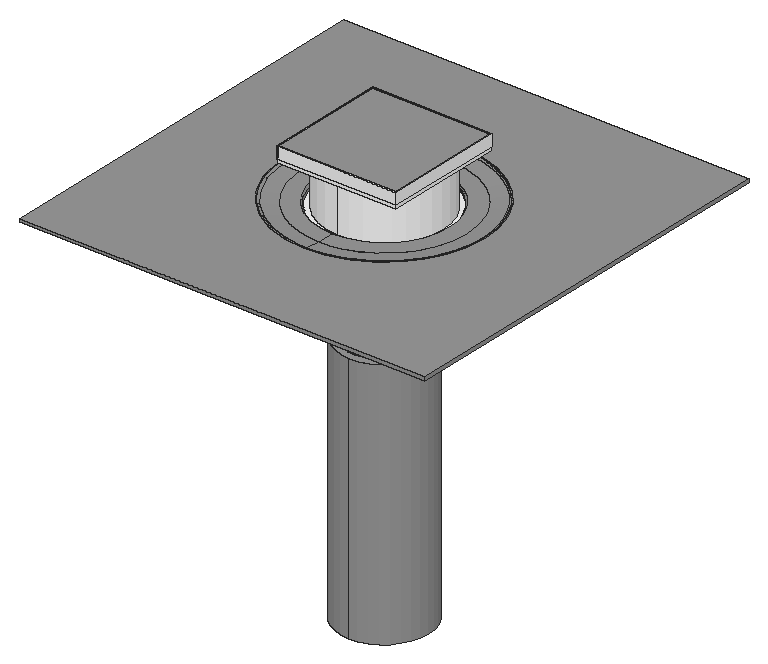
Revit family "HL_RU_Roof drain_HL69BH-B-221103", category Sanitärinstallationen, Revit 2020
Family settings
  Bemaßung runder Anschluss = Durchmesser verwenden
  Teiletyp = Normal
  OmniClass-Nummer = 23.70.50.21.24.14
  OmniClass-Titel = Deck Waste Water Drains
  Arbeitsebenenbasiert = Nein
  Immer vertikal = Ja
  Beim Laden mit Abzugskörper schneiden = Nein
  Gemeinsam genutzt = Nein
  Raumberechnungspunkt = Ja
Parameters (values of type "HL_Кровельная воронка_HL69BH_1")
  РЕШЁТКА = "Edelstahl 137x137mm"
  РАЗМЕР = "für DN110"
  ПРОПУСКНАЯ СПОСОБНОСТЬ [instance] = 0.0 L/s
  ПРОИЗВОДИТЕЛЬНОСТЬ = "6,83 l/s"
  ПРАВОВАЯ ИНФОРМАЦИЯ = "Авторские права(©), права на дизайн или какие либо другие права интелектуальной собственности являются исключительной собственностью компании HL Hutterer & Lechner. Изменению не подлежит. Файл семейства с данными о прозводителе изделия защищен паролем с водяным знаком."
  НОМИНАЛЬНЫЙ ДИАМЕТР = 110 mm
  НАСАДКА = "12-65mm/148x148mm"
  МАТЕРИАЛ = "PP"
  МАКСИМАЛЬНАЯ НАГРУЗКА КЛАССА = "K - 300 kg"
  ВЫСОТА МОНТАЖА = "301 mm"
  ВЕС = "2,727 [kg]"
  Vorgabe-Ansicht = 0 mm
  Hersteller = "HL Hutterer & Lechner GmbH"  # constant formula
  URL = "http://www.hutterer-lechner.com/ru/products/catalog/roof-drains/HL69BH/1.aspx"
  Материал плитка [instance] = none
  Lüftungsverbindung = no
  Abwasserrohrverbindung = yes
  HW-Verbindung = no
  KW-Verbindung = no
  Beschreibung = "Кровельные воронки"
  Model = "HL69BH_1"
  Assembly Code = " "
  Typenkommentare = "HL69BH/1, \"Ремонтная\" кровельная воронка для DN110 с битумным полотном. Проходная _ 148х148мм/137х137мм."
  Keynote = "HL69BH_1"
  Bысота монтажа [instance] = 65 mm
  G [instance] = 180.00°  # constant formula
  EAN = "9003076009251"
  D [instance] = if(НОМИНАЛЬНЫЙ ДИАМЕТР = 75 mm, 250 mm, if(НОМИНАЛЬНЫЙ ДИАМЕТР = 160 mm, 250 mm, 363 mm)) + Bысота монтажа  # 428 mm
  C [instance] = if(Bысота монтажа - 68 mm < 0 mm, 0 mm, Bысота монтажа - 68 mm)  # 0 mm
  B [instance] = 100 mm  # constant formula
  A [instance] = if(B - 100 mm > 15 mm, B - 100 mm, 15 mm)  # 15 mm
Types (5, lengths in mm): name | РАЗМЕР | ПРОИЗВОДИТЕЛЬНОСТЬ | НОМИНАЛЬНЫЙ ДИАМЕТР | ВЕС | URL | Model | Typenkommentare | Keynote | EAN | D
  (no name) | "für DN110" | "6,83 l/s" | 110 | "2,727 [kg]" | "http://www.hutterer-lechner.com/ru/products/catalog/roof-drains/HL69BH/1.aspx" | "HL69BH_1" | "HL69BH/1, \"Ремонтная\" кровельная воронка для DN110 с битумным полотном. Проходная _ 148х148мм/137х137мм." | "HL69BH_1" | "9003076009251" | 428
  HL_Кровельная воронка_HL69BH_1 | "für DN110" | "6,83 l/s" | 110 | "2,727 [kg]" | "http://www.hutterer-lechner.com/ru/products/catalog/roof-drains/HL69BH/1.aspx" | "HL69BH_1" | "HL69BH/1, \"Ремонтная\" кровельная воронка для DN110 с битумным полотном. Проходная _ 148х148мм/137х137мм." | "HL69BH_1" | "9003076009251" | 428
  HL_Кровельная воронка_HL69BH_2 | "für DN125" | "8,17 l/s" | 125 | "2,42 [kg]" | "http://www.hutterer-lechner.com/ru/products/catalog/roof-drains/HL69BH/2.aspx" | "HL69BH_2" | "HL69BH/2, \"Ремонтная\" кровельная воронка для DN125 с битумным полотном. Проходная _ 148х148мм/137х137мм." | "HL69BH_2" | "9003076009275" | 428
  HL_Кровельная воронка_HL69BH_5 | "für DN160" | "6,50 l/s" | 160 | "2,76 [kg]" | "http://www.hutterer-lechner.com/ru/products/catalog/roof-drains/HL69BH/5.aspx" | "HL69BH_5" | "HL69BH/5, \"Ремонтная\" кровельная воронка для DN160 с битумным полотном. Проходная _ 148х148мм/137х137мм." | "HL69BH_5" | "9003076009299" | 315
  HL_Кровельная воронка_HL69BH_7 | "für DN75" | "7,00 l/sec" | 75 | "2,454 [kg]" | "http://www.hutterer-lechner.com/ru/products/catalog/roof-drains/HL69BH/7.aspx" | "HL69BH_7" | "HL69BH/7, \"Ремонтная\" кровельная воронка для DN75 с битумным полотном. Проходная _ 148х148мм/137х137мм." | "HL69BH_7" | "9003076009312" | 315
Reference planes
  plane 1 "Center (Front/Back)": y = 0
  plane 2: z = 0
  plane 3 "Center (Left/Right)": x = 0
  plane 4: z = -100
  plane 5: z = -65
Lines and regions (mm)
  model lines, style "InvisibleLines"
    curve 1: line (0, 0, 0) -> (0, 0, 20)
  model lines, style "PlumbingFixtures", detail levels coarse+medium
    curve 2: line (0, 0, -100) -> (0, 0, -85)
    curve 3: line (0, 0, -85) -> (-85, 0, 0)
    curve 4: line (0, 0, -85) -> (85, 0, 0)
    curve 6: line (0, 0, -100) -> (0, 0, -528)
  reference lines, not visible
    curve 5: line (0, 0, -100) -> (0, 0, -528)
  symbolic lines, style "PlumbingFixtures", detail levels coarse+medium
    curve 7: line (-75, 75, 0) -> (75, 75, 0)
    curve 8: line (-75, -75, 0) -> (-75, 75, 0)
    curve 9: line (75, -75, 0) -> (-75, -75, 0)
    curve 10: line (75, 75, 0) -> (75, -75, 0)
    curve 11: line (-75, 75, 0) -> (-145.711, 145.711, 0)
    curve 12: line (75, 75, 0) -> (145.711, 145.711, 0)
    curve 13: line (-75, -75, 0) -> (-145.711, -145.711, 0)
    curve 14: line (75, -75, 0) -> (145.711, -145.711, 0)
  symbolic lines, style "PlumbingFixtures", not visible, detail levels coarse+medium
    curve 15: line (-75, 75, 0) -> (75, 75, 0)
    curve 16: line (-75, -75, 0) -> (-75, 75, 0)
    curve 17: line (75, -75, 0) -> (-75, -75, 0)
    curve 18: line (75, 75, 0) -> (75, -75, 0)
    curve 19: line (-75, 75, 0) -> (-145.711, 145.711, 0)
    curve 20: line (75, 75, 0) -> (145.711, 145.711, 0)
    curve 21: line (-75, -75, 0) -> (-145.711, -145.711, 0)
    curve 22: line (75, -75, 0) -> (145.711, -145.711, 0)
Text (mm)
  text "FLOOR" at (-162.344, 0, -10.979), in view "Drain Construction View"
Dimensions and locks
  "B": plane 2 to plane 4
  "Bысота монтажа": plane 2 to plane 5
  "A": curve 4 to plane 4
  "D": curve 5 to curve 5
  "D": curve 6 to curve 6
  locked: curve 4 to plane 3 "Center (Left/Right)" (angle 45.00°)
  locked: plane 3 "Center (Left/Right)" to curve 3 (angle 45.00°)
  "G": angle curve 5 to plane 3 "Center (Left/Right)"
  aligned and locked: level to plane 2
  aligned and locked: plane 2 to curve 4
  aligned and locked: plane 2 to curve 3
  aligned and locked: plane 4 to curve 5
  aligned and locked: plane 3 "Center (Left/Right)" to curve 5
  aligned and locked: plane 4 to curve 2
  aligned and locked: curve 6 to plane 3 "Center (Left/Right)"
  aligned and locked: curve 6 to plane 4
  aligned and locked: nested 2 to plane 5
  aligned and locked: plane 2 to nested 1
  aligned and locked: nested 2 to plane 3 "Center (Left/Right)"
  aligned and locked: plane 3 "Center (Left/Right)" to nested 1
Automatic sketch dimensions
  curve 2 to plane 3 "Center (Left/Right)" = 0 mm
  curve 1 to plane 3 "Center (Left/Right)" = 0 mm
  curve 1 to level = 0 mm
  level to curve 1 = 20 mm
Nested families
  nested 1: "HL_Насадка_HL66.9S" at (0, 0, 0), Bысота монтажа <- "Bысота монтажа", type "HL_Grate frame_HL66.9S"
    with L 93 mm, IHmin 12 mm, IHmax 65 mm, Bысота монтажа 65 mm
  nested 2: "HL_кровельные воронки - корпус_HL69H" at (0, 0, -69), НОМИНАЛЬНЫЙ ДИАМЕТР <- "НОМИНАЛЬНЫЙ ДИАМЕТР", type "HL_кровельные воронки - корпус_HL69H"
    with НОМИНАЛЬНЫЙ ДИАМЕТР 110 mm, C no, B no, A yes
Connectors
  piping at (0, 0, -528), diameter 110, driven by "ПРОПУСКНАЯ СПОСОБНОСТЬ", driven by "НОМИНАЛЬНЫЙ ДИАМЕТР"
    settings: on curve 5, index 1, connector inside diameter 609.6 mm, connector length 0 mm, flow factor 0, pipe flow 0.0 L/s, pressure drop 0.0 Pa, fitting loss kfactor 0, connector angle 0.00°, fixture units 0, engagement length 0 mm, angle of deflection 0.00°, flow configuration 1, flow direction 2, fitting loss method 0, system type 16, joint type 0, gender type 0, connector reference index -1, connector utility 0, adjustable connector yes, is connector primary yes, connector description ""
Definition of nested family "HL_Насадка_HL66.9S"
  Parameters (values of type "HL_Grate frame_HL66.9S")
    РЕШЁТКА = "Edelstahl 138x138mm"
    РАЗМЕР = "d 145 mm"
    ПРАВОВАЯ ИНФОРМАЦИЯ = "Авторские права(©), права на дизайн или какие либо другие права интелектуальной собственности являются исключительной собственностью компании HL Hutterer & Lechner. Изменению не подлежит. Файл семейства с данными о прозводителе изделия защищен паролем с водяным знаком."
    НАСАДКА = "147x147mm"
    МАТЕРИАЛ = "PP"
    МАКСИМАЛЬНАЯ НАГРУЗКА КЛАССА = "K - 300 kg"
    ВЫСОТА МОНТАЖА = "12-65mm"
    Материал плитка = none
    ВЕС = "0,345 [kg]"
    Default Elevation = 0 mm
    L [instance] = if(Bысота монтажа < IHmin, -100 mm, if(Bысота монтажа > IHmax, -100 mm, Bысота монтажа + 28 mm))  # 93 mm
    Manufacturer = "HL Hutterer & Lechner GmbH"
    URL = "http://www.hutterer-lechner.com/ru/products/catalog/roof-drains/HL66.9.aspx"
    Description = "Кровельные воронки"
    Model = "HL66.9"
    Type Comments = "HL66.9, Насадка d 145мм с бороздками/147х147мм/138х138мм"
    Keynote = "HL66.9"
    Bысота монтажа [instance] = 65 mm
    IHmin [instance] = 12 mm
    IHmax [instance] = 65 mm
    EAN = "9003076014606"
    Cost = 0
  Reference planes
    plane 1 "Střed (vpředu/vzadu)": y = 0
    plane 2: z = 0
    plane 3 "Střed (vlevo/vpravo)": x = 0
  Forms (mm)
    Revolve 1, solid, detail levels fine
      sketch origin (0, 0, 128) x (0, 1, 0) y (0, 0, 1)
        loop
          line (72.5, -142) -> (69.248, -142) -> (69.248, -221) -> (72.5, -221) -> (72.5, -142)
        axis (0, -142) -> (0, -221)
      angle from 0 to 360
    Extrusion 2, solid, detail levels fine
      sketch origin (-1.537, 0, -14.6) x (0, 1, 0) y (-1, 0, 0)
        loop
          line (74, 72.459) -> (-74, 72.459) -> (-74, -75.537) -> (74, -75.537) -> (74, 72.459)
        loop
          line (73, 71.463) -> (-73, 71.463) -> (-73, -74.537) -> (73, -74.537) -> (73, 71.463)
      from 0.6 to 14.6
    Extrusion 3, solid, detail levels fine
      sketch origin (-1.537, 0, -14) x (-1, 0, 0) y (0, 1, 0)
        loop
          line (71.463, 73) -> (-74.537, 73) -> (-74.537, -73) -> (71.463, -73) -> (71.463, 73)
        loop
          circle (-1.537, 0) r 72.5
      from 0 to 5
    Extrusion 4, solid, detail levels fine
      sketch origin (-1.537, 0, -14) x (-1, 0, 0) y (0, -1, 0)
        loop
          line (70.95, -72.397) -> (70.95, 72.463) -> (-74.05, 72.463) -> (-74.05, -72.397) -> (70.95, -72.397)
      from 0 to 14
    Revolve 5, solid, detail levels fine
      sketch origin (0, 75.989, -93) x (0, -1, 0) y (0, 0, -1)
        loop
          line (3.489, -20) -> (3.489, 0) -> (0.186, 0) -> (-2.325, -2.511) -> (-2.325, -20) -> (3.489, -20)
        axis (75.989, -20) -> (75.989, 0)
      angle from 0 to 360
  Lines and regions (mm)
    model lines, detail levels fine
      curve 1: line (36.25, 24.325, 0) -> (36.25, -24.42, 0)
      curve 2: line (43.75, -24.42, 0) -> (43.75, 24.325, 0)
      curve 3: line (52.25, 40.306, 0) -> (52.25, -40.355, 0)
      curve 4: line (59.75, -40.355, 0) -> (59.75, 40.306, 0)
      curve 5: line (20.25, 8.588, 0) -> (20.25, -8.684, 0)
      curve 6: line (27.75, -8.684, 0) -> (27.75, 8.588, 0)
      curve 7: arc (27.75, 8.588, 0) -> (24, 12.338, 0) -> (20.25, 8.588, 0) r 3.75
      curve 8: arc (20.25, -8.684, 0) -> (24, -12.434, 0) -> (27.75, -8.684, 0) r 3.75
      curve 9: arc (36.25, -24.42, 0) -> (40, -28.17, 0) -> (43.75, -24.42, 0) r 3.75
      curve 10: arc (43.75, 24.325, 0) -> (40, 28.075, 0) -> (36.25, 24.325, 0) r 3.75
      curve 11: arc (59.75, 40.306, 0) -> (56, 44.056, 0) -> (52.25, 40.306, 0) r 3.75
      curve 12: arc (52.25, -40.355, 0) -> (56, -44.105, 0) -> (59.75, -40.355, 0) r 3.75
      curve 13: line (-24.325, -36.25, 0) -> (24.42, -36.25, 0)
      curve 14: line (24.42, -43.75, 0) -> (-24.325, -43.75, 0)
      curve 15: line (-40.306, -52.25, 0) -> (40.355, -52.25, 0)
      curve 16: line (40.355, -59.75, 0) -> (-40.306, -59.75, 0)
      curve 17: line (-8.588, -20.25, 0) -> (8.684, -20.25, 0)
      curve 18: line (8.684, -27.75, 0) -> (-8.588, -27.75, 0)
      curve 19: arc (-8.588, -27.75, 0) -> (-12.338, -24, 0) -> (-8.588, -20.25, 0) r 3.75
      curve 20: arc (8.684, -20.25, 0) -> (12.434, -24, 0) -> (8.684, -27.75, 0) r 3.75
      curve 21: arc (24.42, -36.25, 0) -> (28.17, -40, 0) -> (24.42, -43.75, 0) r 3.75
      curve 22: arc (-24.325, -43.75, 0) -> (-28.075, -40, 0) -> (-24.325, -36.25, 0) r 3.75
      curve 23: arc (-40.306, -59.75, 0) -> (-44.056, -56, 0) -> (-40.306, -52.25, 0) r 3.75
      curve 24: arc (40.355, -52.25, 0) -> (44.105, -56, 0) -> (40.355, -59.75, 0) r 3.75
      curve 25: line (36.25, -24.42, 0) -> (36.25, 24.325, 0)
      curve 26: line (43.75, 24.325, 0) -> (43.75, -24.42, 0)
      curve 27: line (52.25, -40.355, 0) -> (52.25, 40.306, 0)
      curve 28: line (59.75, 40.306, 0) -> (59.75, -40.355, 0)
      curve 29: line (20.25, -8.684, 0) -> (20.25, 8.588, 0)
      curve 30: line (27.75, 8.588, 0) -> (27.75, -8.684, 0)
      curve 31: arc (27.75, -8.588, 0) -> (24, -12.338, 0) -> (20.25, -8.588, 0) r 3.75
      curve 32: arc (20.25, 8.684, 0) -> (24, 12.434, 0) -> (27.75, 8.684, 0) r 3.75
      curve 33: arc (36.25, 24.42, 0) -> (40, 28.17, 0) -> (43.75, 24.42, 0) r 3.75
      curve 34: arc (43.75, -24.325, 0) -> (40, -28.075, 0) -> (36.25, -24.325, 0) r 3.75
      curve 35: arc (59.75, -40.306, 0) -> (56, -44.056, 0) -> (52.25, -40.306, 0) r 3.75
      curve 36: arc (52.25, 40.355, 0) -> (56, 44.105, 0) -> (59.75, 40.355, 0) r 3.75
      curve 37: line (24.42, -36.25, 0) -> (-24.325, -36.25, 0)
      curve 38: line (-24.325, -43.75, 0) -> (24.42, -43.75, 0)
      curve 39: line (40.355, -52.25, 0) -> (-40.306, -52.25, 0)
      curve 40: line (-40.306, -59.75, 0) -> (40.355, -59.75, 0)
      curve 41: line (8.684, -20.25, 0) -> (-8.588, -20.25, 0)
      curve 42: line (-8.588, -27.75, 0) -> (8.684, -27.75, 0)
      curve 43: arc (8.588, -27.75, 0) -> (12.338, -24, 0) -> (8.588, -20.25, 0) r 3.75
      curve 44: arc (-8.684, -20.25, 0) -> (-12.434, -24, 0) -> (-8.684, -27.75, 0) r 3.75
      curve 45: arc (-24.42, -36.25, 0) -> (-28.17, -40, 0) -> (-24.42, -43.75, 0) r 3.75
      curve 46: arc (24.325, -43.75, 0) -> (28.075, -40, 0) -> (24.325, -36.25, 0) r 3.75
      curve 47: arc (40.306, -59.75, 0) -> (44.056, -56, 0) -> (40.306, -52.25, 0) r 3.75
      curve 48: arc (-40.355, -52.25, 0) -> (-44.105, -56, 0) -> (-40.355, -59.75, 0) r 3.75
      curve 49: line (-36.25, 24.325, 0) -> (-36.25, -24.325, 0)
      curve 50: line (-43.75, -24.325, 0) -> (-43.75, 24.325, 0)
      curve 51: line (-52.25, 40.306, 0) -> (-52.25, -40.306, 0)
      curve 52: line (-59.75, -40.306, 0) -> (-59.75, 40.306, 0)
      curve 53: line (-20.25, 8.588, 0) -> (-20.25, -8.588, 0)
      curve 54: line (-27.75, -8.684, 0) -> (-27.75, 8.588, 0)
      curve 55: arc (-27.75, 8.588, 0) -> (-24, 12.338, 0) -> (-20.25, 8.588, 0) r 3.75
      curve 56: arc (-20.25, -8.684, 0) -> (-24, -12.434, 0) -> (-27.75, -8.684, 0) r 3.75
      curve 57: arc (-43.75, 24.325, 0) -> (-40, 28.075, 0) -> (-36.25, 24.325, 0) r 3.75
      curve 58: arc (-59.75, 40.306, 0) -> (-56, 44.056, 0) -> (-52.25, 40.306, 0) r 3.75
      curve 59: line (-36.25, -24.325, 0) -> (-36.25, 24.325, 0)
      curve 60: line (-43.75, 24.325, 0) -> (-43.75, -24.325, 0)
      curve 61: line (-52.25, -40.306, 0) -> (-52.25, 40.306, 0)
      curve 62: line (-59.75, 40.306, 0) -> (-59.75, -40.306, 0)
      curve 63: line (-20.25, -8.588, 0) -> (-20.25, 8.588, 0)
      curve 64: line (-27.75, 8.588, 0) -> (-27.75, -8.684, 0)
      curve 65: arc (-27.75, -8.588, 0) -> (-24, -12.338, 0) -> (-20.25, -8.588, 0) r 3.75
      curve 66: arc (-20.25, 8.684, 0) -> (-24, 12.434, 0) -> (-27.75, 8.684, 0) r 3.75
      curve 67: arc (-36.25, 24.42, 0) -> (-40, 28.17, 0) -> (-43.75, 24.42, 0) r 3.75
      curve 68: arc (-43.75, -24.325, 0) -> (-40, -28.075, 0) -> (-36.25, -24.325, 0) r 3.75
      curve 69: arc (-59.75, -40.306, 0) -> (-56, -44.056, 0) -> (-52.25, -40.306, 0) r 3.75
      curve 70: arc (-52.25, 40.355, 0) -> (-56, 44.105, 0) -> (-59.75, 40.355, 0) r 3.75
      curve 71: line (-24.42, 36.25, 0) -> (24.325, 36.25, 0)
      curve 72: line (24.42, 43.75, 0) -> (-24.42, 43.75, 0)
      curve 73: line (-40.355, 52.25, 0) -> (40.306, 52.25, 0)
      curve 74: line (40.306, 59.75, 0) -> (-40.355, 59.75, 0)
      curve 75: line (-8.588, 20.25, 0) -> (8.588, 20.25, 0)
      curve 76: line (8.684, 27.75, 0) -> (-8.588, 27.75, 0)
      curve 77: arc (-8.588, 27.75, 0) -> (-12.338, 24, 0) -> (-8.588, 20.25, 0) r 3.75
      curve 78: arc (8.684, 20.25, 0) -> (12.434, 24, 0) -> (8.684, 27.75, 0) r 3.75
      curve 79: arc (24.42, 36.25, 0) -> (28.17, 40, 0) -> (24.42, 43.75, 0) r 3.75
      curve 80: line (24.325, 36.25, 0) -> (-24.42, 36.25, 0)
      curve 81: line (-24.42, 43.75, 0) -> (24.42, 43.75, 0)
      curve 82: line (40.306, 52.25, 0) -> (-40.355, 52.25, 0)
      curve 83: line (-40.355, 59.75, 0) -> (40.306, 59.75, 0)
      curve 84: line (8.588, 20.25, 0) -> (-8.588, 20.25, 0)
      curve 85: line (-8.588, 27.75, 0) -> (8.684, 27.75, 0)
      curve 86: arc (8.588, 27.75, 0) -> (12.338, 24, 0) -> (8.588, 20.25, 0) r 3.75
      curve 87: arc (-8.684, 20.25, 0) -> (-12.434, 24, 0) -> (-8.684, 27.75, 0) r 3.75
      curve 88: arc (-24.42, 36.25, 0) -> (-28.17, 40, 0) -> (-24.42, 43.75, 0) r 3.75
      curve 89: arc (24.325, 43.75, 0) -> (28.075, 40, 0) -> (24.325, 36.25, 0) r 3.75
      curve 90: arc (40.306, 59.75, 0) -> (44.056, 56, 0) -> (40.306, 52.25, 0) r 3.75
      curve 91: arc (-40.355, 52.25, 0) -> (-44.105, 56, 0) -> (-40.355, 59.75, 0) r 3.75
    reference lines
      curve 92: line (0, 75.989, -93) -> (0, -174.011, -93)
  Dimensions and locks
    Extrusion 2 sketch curve to Extrusion 2 sketch curve = 147.996 mm
    Extrusion 2 sketch curve to Extrusion 2 sketch curve = 148 mm
    "L": curve 92 to plane 2
    aligned and locked: level to plane 2
    aligned and locked: Revolve 1 to curve 92
  Automatic sketch dimensions
    plane 1 "Střed (vpředu/vzadu)" to Extrusion 2 sketch curve = 74 mm
    Extrusion 2 sketch curve to Extrusion 2 sketch curve = 1 mm  (x3)
    plane 3 "Střed (vlevo/vpravo)" to Extrusion 2 sketch curve = 74 mm
    Extrusion 2 sketch curve to Extrusion 2 sketch curve = 0.996 mm
    Extrusion 3 sketch curve to Extrusion 2 = 0 mm  (x4)
    Extrusion 3 sketch curve to Extrusion 2 = 73 mm  (x2)
    Extrusion 2 to curve 16 = 13.25 mm
    curve 24 to curve 47 = 3.75 mm
    curve 47 to curve 24 = 0 mm
    curve 48 to curve 23 = 0 mm  (x2)
    curve 23 to curve 38 = 8.5 mm
    curve 24 to curve 12 = 11.895 mm
    curve 12 to curve 35 = 0.048 mm
    curve 15 to curve 69 = 11.944 mm
    curve 22 to curve 45 = 3.75 mm
    curve 21 to curve 46 = 3.75 mm
    curve 46 to curve 21 = 0 mm
    curve 22 to curve 18 = 8.5 mm
    curve 21 to curve 9 = 11.83 mm
    curve 13 to curve 49 = 11.925 mm
    curve 9 to curve 34 = 0.095 mm
    curve 18 to curve 19 = 3.75 mm
    curve 44 to curve 19 = 0 mm  (x2)
    curve 43 to curve 20 = 0 mm
    curve 20 to curve 5 = 11.566 mm
    curve 49 to curve 64 = 15.642 mm
    curve 8 to curve 31 = 0.095 mm
    curve 56 to curve 53 = 0.095 mm
    curve 65 to curve 64 = 17.177 mm
    curve 31 to curve 29 = 17.177 mm
    curve 7 to curve 32 = 0.095 mm
    curve 55 to curve 66 = 0.095 mm
    curve 32 to curve 84 = 11.566 mm
    curve 86 to curve 78 = 3.75 mm
    curve 86 to curve 78 = 0 mm
    curve 77 to curve 87 = 3.75 mm
    curve 87 to curve 77 = 0 mm  (x2)
    curve 66 to curve 60 = 15.642 mm
    curve 32 to curve 26 = 15.642 mm
    curve 10 to curve 33 = 0.095 mm
    curve 57 to curve 67 = 0.095 mm
    curve 33 to curve 71 = 11.83 mm
    curve 89 to curve 89 = 3.75 mm
    curve 88 to curve 88 = 3.75 mm
    curve 89 to curve 79 = 0 mm
    curve 33 to curve 11 = 15.886 mm
    curve 67 to curve 51 = 15.886 mm
    curve 58 to curve 70 = 0.048 mm
    curve 11 to curve 36 = 0.048 mm
    curve 70 to curve 73 = 11.895 mm
    curve 90 to curve 90 = 3.75 mm
    Extrusion 2 to curve 28 = 13.25 mm
    curve 4 to curve 11 = 3.75 mm
    curve 35 to curve 12 = 0 mm
    curve 36 to curve 11 = 0 mm
    curve 3 to curve 2 = 8.5 mm
    curve 3 to curve 39 = 11.895 mm
    curve 11 to curve 83 = 11.944 mm
    curve 24 to curve 47 = 0.048 mm
    curve 26 to curve 9 = 3.75 mm
    curve 33 to curve 10 = 0 mm
    curve 34 to curve 9 = 0 mm
    curve 34 to curve 30 = 8.5 mm
    curve 90 to curve 72 = 15.886 mm
    curve 1 to curve 21 = 11.83 mm
    curve 79 to curve 80 = 0.095 mm
    curve 21 to curve 46 = 0.095 mm
    curve 6 to curve 32 = 3.75 mm
    curve 6 to curve 8 = 3.75 mm
    curve 31 to curve 8 = 0 mm
    curve 29 to curve 17 = 11.566 mm
    curve 7 to curve 78 = 11.566 mm
    curve 78 to curve 86 = 0.095 mm
    curve 20 to curve 43 = 0.095 mm
    curve 43 to curve 41 = 17.177 mm
    curve 86 to curve 77 = 17.177 mm
    curve 19 to curve 44 = 0.095 mm
    curve 77 to curve 87 = 0.095 mm
    curve 87 to curve 53 = 11.566 mm
    curve 53 to curve 66 = 3.75 mm
    curve 55 to curve 66 = 0 mm
    curve 56 to curve 54 = 3.75 mm
    curve 65 to curve 56 = 0 mm
    curve 44 to curve 14 = 15.642 mm
    curve 22 to curve 45 = 0.095 mm
    curve 87 to curve 72 = 15.736 mm
    curve 45 to curve 59 = 11.83 mm
    curve 57 to curve 67 = 3.75 mm
    curve 68 to curve 68 = 3.75 mm
    curve 45 to curve 15 = 15.886 mm
    curve 23 to curve 48 = 0.048 mm
    curve 72 to curve 74 = 15.935 mm
    curve 91 to curve 51 = 11.895 mm
    curve 51 to curve 70 = 3.75 mm
    curve 51 to curve 69 = 3.75 mm
    curve 45 to curve 22 = 0 mm
    curve 36 to curve 28 = 0 mm
    curve 33 to curve 2 = 0 mm
    curve 32 to curve 30 = 0 mm
    curve 66 to curve 55 = 0 mm
    curve 67 to curve 57 = 0 mm
    curve 70 to curve 51 = 0 mm
    Extrusion 4 sketch curve to Extrusion 3 = 0.487 mm
    Extrusion 4 sketch curve to Extrusion 3 = 0.513 mm
    Extrusion 4 sketch curve to Extrusion 3 = 0.603 mm
    Extrusion 4 sketch curve to Extrusion 3 = 0.537 mm
    Revolve 1 sketch curve to plane 1 "Střed (vpředu/vzadu)" = 0 mm
    Revolve 1 sketch curve to level = 14 mm
    Revolve 1 sketch curve to plane 1 "Střed (vpředu/vzadu)" = 69.248 mm
    Revolve 1 sketch curve to Revolve 1 sketch curve = 3.252 mm
    Revolve 1 sketch curve to Revolve 1 sketch curve = 79 mm
    Revolve 1 sketch curve to Revolve 1 sketch curve = 17.5 mm
    level to Revolve 1 sketch curve = 144.5 mm
    Revolve 5 sketch curve to curve 92 = 0 mm
    Revolve 5 sketch curve to curve 92 = 2.325 mm
    curve 92 to Revolve 5 sketch curve = 0.186 mm
    curve 92 to Revolve 5 sketch curve = 3.489 mm
    Revolve 5 sketch curve to curve 92 = 2.511 mm
    Revolve 5 sketch curve to curve 92 = 20 mm
    curve 92 to Revolve 5 sketch curve = 75.989 mm
    Revolve 5 sketch curve to curve 92 = 393 mm
    curve 92 to Revolve 5 sketch curve = 207 mm
    plane 1 "Střed (vpředu/vzadu)" to curve 92 = 174.011 mm
    curve 92 to plane 1 "Střed (vpředu/vzadu)" = 75.989 mm
    radius of Extrusion 3 sketch curve = 72.5 mm
Definition of nested family "HL_кровельные воронки - корпус_HL69H"
  Parameters (values of type "HL_кровельные воронки - корпус_HL69H")
    НОМИНАЛЬНЫЙ ДИАМЕТР [instance] = 110 mm
    Default Elevation = 0 mm
    Manufacturer = ""
    URL = ""
    Description = ""
    Model = ""
    Type Comments = ""
    Cost = 0
    C [instance] = if(НОМИНАЛЬНЫЙ ДИАМЕТР = 160 mm, (1 = 1), 0 = 1)  # no
    B [instance] = if(НОМИНАЛЬНЫЙ ДИАМЕТР = 75 mm, (1 = 1), 0 = 1)  # no
    A [instance] = if(or(НОМИНАЛЬНЫЙ ДИАМЕТР = 125 mm, НОМИНАЛЬНЫЙ ДИАМЕТР = 110 mm), (1 = 1), 0 = 1)  # yes
  Reference planes
    plane 1 "Střed (vpředu/vzadu)": y = 0
    plane 2: z = 0
    plane 3 "Střed (vlevo/vpravo)": x = 0
  Forms (mm)
    Revolve 1, solid, detail levels fine
      sketch origin (0, 0, 0) x (0, 1, 0) y (0, 0, 1)
        loop
          line (177, -3) -> (177, 0) -> (112, 0) -> (82.902, -11.757) -> (82.902, -27.379) -> (77.902, -27.379) -> (77.902, -42) -> (0, -42) -> (0, -45) -> (81.026, -45) -> (81.026, -30) -> (85.505, -28.716) -> (85.505, -11.757) -> (104.147, -11.757) -> (128.206, -3) -> (177, -3)
        axis (0, 0) -> (0, -45)
      angle from 0 to 360
    Extrusion 2, solid, detail levels fine
      sketch origin (0, 0, 0) x (1, 0, 0) y (0, 1, 0)
        loop
          line (250, 250) -> (-250, 250) -> (-250, -250) -> (250, -250) -> (250, 250)
        loop
          circle (0, 0) r 124.28
      from 0 to 4
    Revolve 3, solid, detail levels fine
      sketch origin (0, 0, 0) x (0, 1, 0) y (0, 0, 1)
        loop
          line (82.902, -11.757) -> (112, 0) -> (124.28, 0) -> (124.28, 4) -> (123.294, 4) -> (120.925, 2.793) -> (101.964, 0.8) -> (81.005, 0.8) -> (79.24, -2.257) -> (79.24, -21.433) -> (75.783, -21.433) -> (75.045, -23.015) -> (75.045, -27.379) -> (82.902, -27.379) -> (82.902, -11.757)
        axis (0, 4) -> (0, -27.379)
      angle from 0 to 360
    Revolve 4, solid, visible <- "A", detail levels fine
      sketch origin (0, 0, 0) x (0, 1, 0) y (0, 0, 1)
        loop
          line (0, -149.019) -> (45.493, -149.019) -> (45.493, -99) -> (63.12, -99) -> (63.12, -62.992) -> (73.508, -45) -> (0, -45) -> (0, -149.019)
        axis (0, -45) -> (0, -149.019)
      angle from 0 to 360
    Extrusion 5, solid, visible <- "A", detail levels fine
      sketch origin (0, 0, -149.019) x (0, 1, 0) y (1, 0, 0)
        loop
          circle (0, 0) r 55
      from 0 to 310
    Revolve 6, solid, visible <- "B", detail levels fine
      sketch origin (0, 0, 0) x (0, 1, 0) y (0, 0, 1)
        loop
          line (28.12, -94.1) -> (62.726, -45) -> (0, -45) -> (0, -346) -> (35.72, -346) -> (35.72, -108) -> (28.12, -108) -> (28.12, -94.1)
        axis (0, -45) -> (0, -346)
      angle from 0 to 360
    Revolve 7, solid, visible <- "C", detail levels fine
      sketch origin (0, 0, 0) x (0, 1, 0) y (0, 0, 1)
        loop
          line (73.507, -45) -> (0, -45) -> (0, -346) -> (81.007, -346) -> (81.007, -107.5) -> (63.507, -107.5) -> (63.507, -67) -> (73.507, -67) -> (73.507, -45)
        axis (0, -45) -> (0, -346)
      angle from 0 to 360
  Dimensions and locks
    "НОМИНАЛЬНЫЙ ДИАМЕТР": diameter of Extrusion 5 sketch curve
    aligned and locked: level to plane 2
  Automatic sketch dimensions
    Revolve 1 sketch curve to plane 1 "Střed (vpředu/vzadu)" = 0 mm  (x2)
    level to Revolve 1 sketch curve = 0 mm
    Revolve 1 sketch curve to plane 1 "Střed (vpředu/vzadu)" = 77.902 mm
    Revolve 1 sketch curve to Revolve 1 sketch curve = 3.124 mm
    Revolve 1 sketch curve to Revolve 1 sketch curve = 5 mm
    Revolve 1 sketch curve to level = 28.716 mm
    Revolve 1 sketch curve to Revolve 1 sketch curve = 2.603 mm
    Revolve 1 sketch curve to level = 11.757 mm
    Revolve 1 sketch curve to Revolve 1 sketch curve = 18.642 mm
    Revolve 1 sketch curve to Revolve 1 sketch curve = 7.853 mm
    Revolve 1 sketch curve to level = 3 mm
    Revolve 1 sketch curve to Revolve 1 sketch curve = 16.206 mm
    Revolve 1 sketch curve to Revolve 1 sketch curve = 48.794 mm
    Revolve 1 sketch curve to Revolve 1 sketch curve = 1.284 mm
    Revolve 1 sketch curve to level = 42 mm
    Revolve 1 sketch curve to Revolve 1 sketch curve = 3 mm
    Revolve 1 sketch curve to Revolve 1 sketch curve = 2.621 mm
    Revolve 1 sketch curve to Revolve 1 sketch curve = 0 mm
    level to Revolve 1 sketch curve = 51.827 mm
    Revolve 1 sketch curve to Revolve 1 sketch curve = 60 mm
    plane 1 "Střed (vpředu/vzadu)" to Extrusion 2 sketch curve = 0 mm
    Extrusion 2 sketch curve to plane 3 "Střed (vlevo/vpravo)" = 0 mm
    Extrusion 2 sketch curve to plane 3 "Střed (vlevo/vpravo)" = 250 mm
    plane 3 "Střed (vlevo/vpravo)" to Extrusion 2 sketch curve = 250 mm
    plane 1 "Střed (vpředu/vzadu)" to Extrusion 2 sketch curve = 250 mm
    Extrusion 2 sketch curve to plane 1 "Střed (vpředu/vzadu)" = 250 mm
    Revolve 3 sketch curve to plane 1 "Střed (vpředu/vzadu)" = 0 mm
    level to Revolve 3 sketch curve = 0 mm
    Revolve 3 sketch curve to level = 27.379 mm
    Revolve 3 sketch curve to plane 1 "Střed (vpředu/vzadu)" = 75.045 mm
    Revolve 3 sketch curve to Revolve 3 sketch curve = 0.738 mm
    Revolve 3 sketch curve to Revolve 3 sketch curve = 3.457 mm
    level to Revolve 3 sketch curve = 0.8 mm
    Revolve 3 sketch curve to Revolve 3 sketch curve = 1.765 mm
    Revolve 3 sketch curve to Revolve 3 sketch curve = 3.662 mm
    Revolve 3 sketch curve to Revolve 3 sketch curve = 20.959 mm
    Revolve 3 sketch curve to Revolve 3 sketch curve = 10.036 mm
    level to Revolve 3 sketch curve = 2.793 mm
    Revolve 3 sketch curve to Revolve 3 sketch curve = 8.925 mm
    Revolve 3 sketch curve to Revolve 3 sketch curve = 2.369 mm
    Revolve 3 sketch curve to Revolve 3 sketch curve = 0.985 mm
    Revolve 3 sketch curve to Revolve 3 sketch curve = 4.364 mm
    Revolve 3 sketch curve to Revolve 3 sketch curve = 1.582 mm
    Revolve 3 sketch curve to Revolve 3 sketch curve = 9.676 mm
    Revolve 3 sketch curve to level = 2.257 mm
    Revolve 3 sketch curve to Revolve 3 sketch curve = 1.207 mm
    Revolve 3 sketch curve to Revolve 3 sketch curve = 272.621 mm
    level to Revolve 3 sketch curve = 300 mm
    Revolve 4 sketch curve to plane 1 "Střed (vpředu/vzadu)" = 0 mm  (x2)
    Revolve 4 sketch curve to Revolve 4 sketch curve = 45.493 mm
    Revolve 4 sketch curve to Revolve 4 sketch curve = 17.627 mm
    Revolve 4 sketch curve to Revolve 4 sketch curve = 10.388 mm
    Revolve 4 sketch curve to level = 149.019 mm
    Revolve 4 sketch curve to Revolve 4 sketch curve = 50.019 mm
    Revolve 4 sketch curve to Revolve 4 sketch curve = 36.008 mm
    Revolve 4 sketch curve to Revolve 4 sketch curve = 17.992 mm
    level to Revolve 4 sketch curve = 51.827 mm
    Revolve 4 sketch curve to Revolve 4 sketch curve = 60 mm
    Revolve 6 sketch curve to plane 1 "Střed (vpředu/vzadu)" = 0 mm
    Revolve 6 sketch curve to plane 1 "Střed (vpředu/vzadu)" = 28.12 mm
    Revolve 6 sketch curve to plane 1 "Střed (vpředu/vzadu)" = 35.72 mm
    Revolve 6 sketch curve to level = 346 mm
    Revolve 6 sketch curve to level = 108 mm
    Revolve 6 sketch curve to Revolve 6 sketch curve = 13.9 mm
    Revolve 6 sketch curve to level = 45 mm
    Revolve 6 sketch curve to Revolve 6 sketch curve = 34.606 mm
    Revolve 7 sketch curve to plane 1 "Střed (vpředu/vzadu)" = 63.507 mm
    Revolve 7 sketch curve to Revolve 7 sketch curve = 10 mm
    Revolve 7 sketch curve to plane 1 "Střed (vpředu/vzadu)" = 81.007 mm
    Revolve 7 sketch curve to level = 346 mm
    Revolve 7 sketch curve to level = 107.5 mm
    Revolve 7 sketch curve to Revolve 7 sketch curve = 40.5 mm
    Revolve 7 sketch curve to Revolve 7 sketch curve = 22 mm
    Revolve 7 sketch curve to Revolve 7 sketch curve = 81.007 mm
    Extrusion 5 sketch curve to Revolve 4 = 0 mm
    radius of Extrusion 2 sketch curve = 124.28 mm
